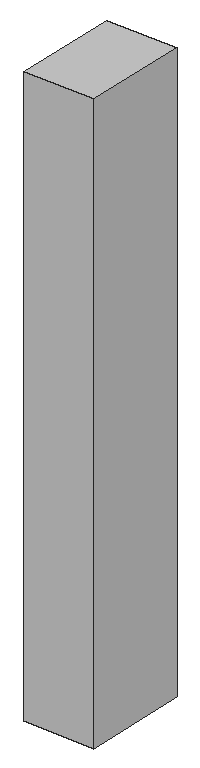
Revit family "prostokątny - słup-betonowy_M", category Structural Columns, Revit 2015
Parameters (values of type "300 x 450mm")
  b = 300 mm
  h = 450 mm
  Structural Material [instance] = Beton, wylewany na miejscu szary
Types (4, lengths in mm): name | b | h
  (no name) | 300 | 450
  300 x 450mm | 300 | 450
  450 x 600mm | 450 | 600
  600 x 750mm | 600 | 750
Reference planes
  plane 1 "Środek (Przód/Tył)": y = 0
  plane 2: z = 0
  plane 3 "Środek (Lewa/Prawa)": x = 0
  plane 4: x = -150
  plane 5: x = 150
  plane 6: y = 225
  plane 7: y = -225
Forms (mm)
  Extrusion 1, solid, material "Beton, wylewany na miejscu szary" <- "Structural Material"
    sketch origin (0, 0, 0) x (1, 0, 0) y (0, 1, 0)
      loop
        line (-150, 225) -> (-150, -225) -> (150, -225) -> (150, 225) -> (-150, 225)
    from 0 to 2500
Dimensions and locks
  equal spacing: plane 4, plane 3 "Środek (Lewa/Prawa)", plane 5
  equal spacing: plane 7, plane 1 "Środek (Przód/Tył)", plane 6
  "h": plane 7 to plane 6
  "b": plane 4 to plane 5
  aligned and locked: plane 6 to Extrusion 1 sketch curve
  aligned and locked: Extrusion 1 sketch curve to plane 7
  aligned and locked: Extrusion 1 sketch curve to plane 4
  aligned and locked: plane 5 to Extrusion 1 sketch curve
  aligned and locked: level to Extrusion 1
  aligned and locked: level to plane 2
  aligned and locked: Extrusion 1 to plane 2
